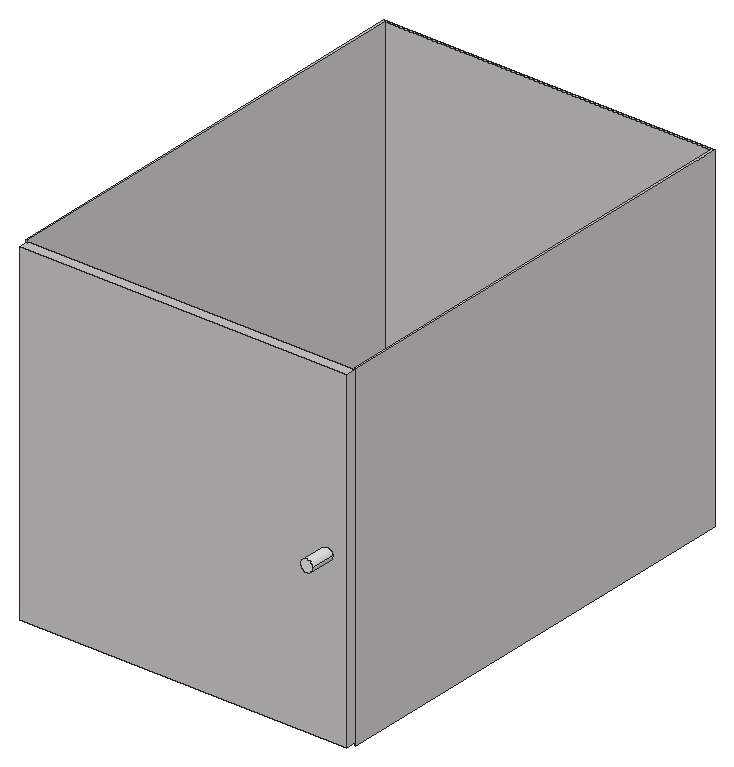
Revit family "Furniture_IKEA_EXPEDIT_Cupboard", category Furniture, Revit 2014
Parameters
  Length = 335.6 mm
  Height = 343.2 mm
  Handle Offset = 22 mm
  Handle Length = 25 mm
  Handle = Ikea - Aluminium
  Finish = Ikea - Stainless Steel
  Drawer Face = 10 mm
  Depth = 465 mm
  Clearence = 2 mm
  Back PLate = 2 mm
Reference planes
  plane 1 "Center (Front/Back)": y = 0
  plane 2: z = 0
  plane 3 "Center (Left/Right)": x = 0
  plane 4: z = 343.2
  plane 5: z = 2
  plane 6: y = -25
  plane 7: y = 10
  plane 8: x = -167.8
  plane 9: x = 167.8
  plane 10: z = 341.2
  plane 11: x = -165.8
  plane 12: x = 165.8
  plane 13: z = 171.6
  plane 14: y = 465
  plane 15: y = 463
  plane 16: x = 145.8
Forms (mm)
  Extrusion 1, solid, material "Ikea - Stainless Steel" <- "Finish"
    sketch origin (0, 0, 0) x (1, 0, 0) y (0, 0, 1)
      loop
        line (-165.8, 2) -> (165.8, 2) -> (165.8, 341.2) -> (-165.8, 341.2) -> (-165.8, 2)
    from -10 to 0
  Extrusion 2, solid, material "Ikea - Aluminium" <- "Handle"
    sketch origin (0, 0, 0) x (1, 0, 0) y (0, 0, 1)
      loop
        circle (145.8, 171.6) r 6
    from 0 to 25
  Extrusion 3, solid, material "Ikea - Stainless Steel" <- "Finish"
    sketch origin (0, 0, 0) x (1, 0, 0) y (0, 1, 0)
      loop
        line (-167.8, 10) -> (-165.8, 10) -> (-165.8, 463) -> (165.8, 463) -> (165.8, 10) -> (167.8, 10) -> (167.8, 465) -> (-167.8, 465) -> (-167.8, 10)
    from 0 to 343.2
Lines and regions (mm)
  symbolic lines, style "FurnitureHiddenLines"
    curve 1: line (-165.8, 0, 341.2) -> (165.8, 0, 171.6)
    curve 2: line (165.8, 0, 171.6) -> (-165.8, 0, 2)
Dimensions and locks
  "Height": plane 4 to plane 2
  equal spacing: plane 9, plane 3 "Center (Left/Right)", plane 8
  "Length": plane 9 to plane 8
  "Clearence": plane 5 to plane 2
  "Clearence": plane 4 to plane 10
  "Clearence": plane 11 to plane 8
  "Clearence": plane 9 to plane 12
  equal spacing: plane 4, plane 13, plane 2
  "Handle Length": plane 6 to plane 1 "Center (Front/Back)"
  "Drawer Face": plane 1 "Center (Front/Back)" to plane 7
  "Depth": plane 1 "Center (Front/Back)" to plane 14
  "Back PLate": plane 14 to plane 15
  "Handle Offset": plane 9 to plane 16
  aligned and locked: level to plane 2
  aligned and locked: plane 5 to Extrusion 1 sketch curve
  aligned and locked: Extrusion 2 to plane 1 "Center (Front/Back)"
  aligned and locked: plane 6 to Extrusion 2
  aligned and locked: plane 7 to Extrusion 1
  aligned and locked: plane 1 "Center (Front/Back)" to Extrusion 1
  aligned and locked: Extrusion 3 sketch curve to plane 8
  aligned and locked: plane 14 to Extrusion 3 sketch curve
  aligned and locked: plane 9 to Extrusion 3 sketch curve
  aligned and locked: Extrusion 3 sketch curve to plane 7
  aligned and locked: Extrusion 3 sketch curve to plane 11
  aligned and locked: Extrusion 3 sketch curve to plane 12
  aligned and locked: plane 4 to Extrusion 3
  aligned and locked: Extrusion 1 sketch curve to plane 10
Automatic sketch dimensions
  Extrusion 1 sketch curve to plane 11 = 0 mm
  plane 3 "Center (Left/Right)" to Extrusion 2 sketch curve = 145.8 mm
  Extrusion 3 sketch curve to plane 7 = 0 mm
  Extrusion 3 sketch curve to plane 15 = 0 mm
  Extrusion 1 sketch curve to plane 12 = 0 mm
  Extrusion 2 sketch curve to plane 13 = 0 mm
  curve 2 to plane 5 = 0 mm
  curve 2 to plane 11 = 0 mm
  curve 1 to plane 10 = 0 mm
  curve 1 to plane 11 = 0 mm
  curve 2 to plane 12 = 0 mm
  curve 2 to plane 13 = 0 mm
  radius of Extrusion 2 sketch curve = 6 mm
